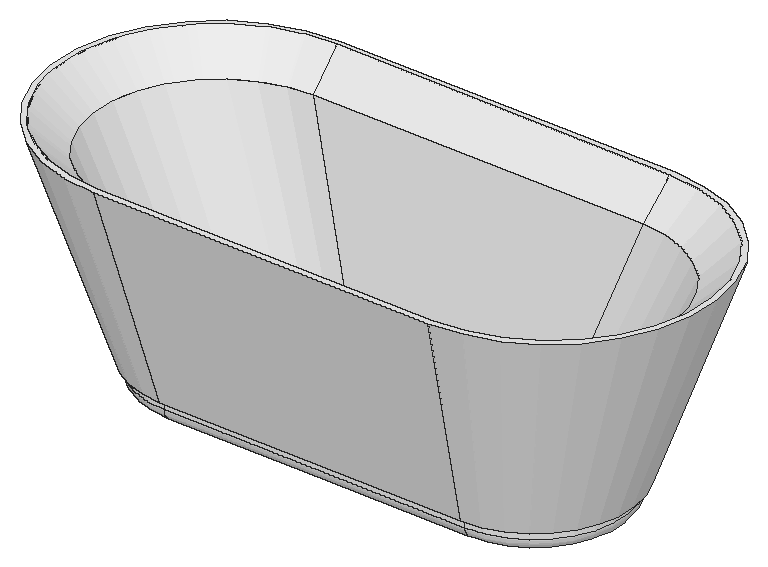
Revit family "Reece_Bath_Base_Freestanding Bath_Sanitary Grade Acrylic", category Plumbing Fixtures, Revit 2018
Family settings
  Round Connector Dimension = Use Diameter
  Part Type = Normal
  Work Plane-Based = Yes
  Always vertical = Yes
  Cut with Voids When Loaded = Yes
  Shared = Yes
  Room Calculation Point = Yes
Parameters (values of type "1560x750 mm_200 ltr_White")
  URL = "https://www.reece.com.au/product/-9504428"
  Type Comments = "Bath"
  Reece_Product_Web Page = "https://www.reece.com.au/product/-9504428"
  Reece_Product_Type = "Bath"  # constant formula
  Reece_Product_Sub Brand = "Bristol"  # constant formula
  Reece_Product_Number = "9504428"
  Reece_Product_Mount = "Floor Mounted"
  Reece_Product_Description = "Posh Bristol Freestanding Bath 1560 x 750 x 560mm White"
  Reece_Product_Brand = "Posh"  # constant formula
  Reece_Overall_Width = 750 mm
  Reece_Overall_Length = 1560 mm
  Reece_Overall_Height = 560 mm
  Reece_Overall_Capacity = 200 L
  Reece_Outlet_Offset = 255 mm
  Reece_Material_Secondary = Reece_Brass_Chrome
  Reece_Material_Main = Reece_Acrylic_White
  Reece_Detail_Material = "Sanitary Grade Acrylic"  # constant formula
  Reece_Detail_Disclaimer = "THIS FILE IS THE PROPERTY OF THE REECE GROUP. IT MAY NOT BE REPRODUCED, REVERSE-ENGINEERED OR MODIFIED. ANY REPUBLICATION, TRANSMISSION OR DISTRIBUTION FOR THE PURPOSE OF COMMERCIALLY EXPLOITING THE FILES IS PROHIBITED."  # constant formula
  Reece_Detail_Connector = "Back Inlet"
  Reece_Detail_Additional = "Freestanding Bath"  # constant formula
  Reece_Bath_Type = Reece_Bath_Posh_Bristol_Freestanding Bath_Sanitary Grade Acrylic_1560x750 mm_200 ltr_Nested : 1560x750x560mm_200ltr_White
  Reece_Bath_Outlet = 40 mm  # constant formula
  Reece_Bath_Lip = 13 mm  # constant formula
  Manufacturer = ""
  Keynote = "Product #9504428, Reece_Bath_Posh Bristol_Freestanding Bath_Sanitary Grade Acrylic - 1560x750 mm_200 ltr_White"
  Disclaimer = "THIS FILE IS THE PROPERTY OF THE REECE GROUP. IT MAY NOT BE REPRODUCED, REVERSE-ENGINEERED OR MODIFIED. ANY REPUBLICATION, TRANSMISSION OR DISTRIBUTION FOR THE PURPOSE OF COMMERCIALLY EXPLOITING THE FILES IS PROHIBITED."  # constant formula
  Description = "Posh Bristol Freestanding Bath 1560 x 750 x 560mm White"
  Default Elevation = 0 mm
Types (3, lengths in mm): name | URL | Reece_Product_Web Page | Reece_Product_Number | Reece_Product_Description | Reece_Overall_Width | Reece_Overall_Length | Reece_Overall_Height | Reece_Overall_Capacity | Reece_Outlet_Offset | Reece_Detail_Connector | Reece_Bath_Type | Keynote | Description
  (no name) | "https://www.reece.com.au/product/-9504428" | "https://www.reece.com.au/product/-9504428" | "9504428" | "Posh Bristol Freestanding Bath 1560 x 750 x 560mm White" | 750 | 1560 | 560 | 200 L | 255 | "Back Inlet" | Reece_Bath_Posh_Bristol_Freestanding Bath_Sanitary Grade Acrylic_1560x750 mm_200 ltr_Nested : 1560x750x560mm_200ltr_White | "Product #9504428, Reece_Bath_Posh Bristol_Freestanding Bath_Sanitary Grade Acrylic - 1560x750 mm_200 ltr_White" | "Posh Bristol Freestanding Bath 1560 x 750 x 560mm White"
  1560x750 mm_200 ltr_White | "https://www.reece.com.au/product/-9504428" | "https://www.reece.com.au/product/-9504428" | "9504428" | "Posh Bristol Freestanding Bath 1560 x 750 x 560mm White" | 750 | 1560 | 560 | 200 L | 255 | "Back Inlet" | Reece_Bath_Posh_Bristol_Freestanding Bath_Sanitary Grade Acrylic_1560x750 mm_200 ltr_Nested : 1560x750x560mm_200ltr_White | "Product #9504428, Reece_Bath_Posh Bristol_Freestanding Bath_Sanitary Grade Acrylic - 1560x750 mm_200 ltr_White" | "Posh Bristol Freestanding Bath 1560 x 750 x 560mm White"
  1760x800 mm_250 ltr_White | "https://www.reece.com.au/product/-9504384" | "https://www.reece.com.au/product/-9504384" | "9504384" | "Posh Bristol Freestanding Bath 1760 x 800 x 590mm White" | 800 | 1760 | 590 | 250 L | 270 | "Bottom Inlet" | Reece_Bath_Posh_Bristol_Freestanding Bath_Sanitary Grade Acrylic_1760x800 mm_250 ltr_Nested : 1760x800x590mm_250ltr_White | "Product #9504384, Reece_Bath_Posh Bristol_Freestanding Bath_Sanitary Grade Acrylic - 1760x800 mm_250 ltr_White" | "Posh Bristol Freestanding Bath 1760 x 800 x 590mm White"
Reference planes
  plane 1 "Center (Front/Back)": y = -10
  plane 2 "Bottom Host Plane": z = 0
  plane 3 "Center (Left/Right)": x = 0
  plane 4: x = -780
  plane 5: y = 365
  plane 6: y = -385
  plane 7: x = 780
  plane 8 "Top Host Plane": z = 560
  plane 9: y = -130
Text (mm)
  text "Reece ©" at (3144.892, -1915.382, 2956.538), in view "Reece Preview"
  text "Reece Copyright © 2018, Reece Ltd." at (-1219.555, -505.238, 0), in view "Ref. Level"
Dimensions and locks
  "Reece_Overall_Length": plane 4 to plane 7
  "Reece_Overall_Width": plane 5 to plane 6
  equal spacing: plane 6, plane 1 "Center (Front/Back)", plane 5
  equal spacing: plane 4, plane 3 "Center (Left/Right)", plane 7
  "Reece_Overall_Height": plane 8 "Top Host Plane" to plane 2 "Bottom Host Plane"
  "Reece_Outlet_Offset": plane 9 to plane 6
  "Reece_Overall_Length": plane 8 "Top Host Plane" to plane 7
  plane 6 to plane 5 = 750 mm  (x2)
  locked: connector elem to plane 9 at 0
  aligned and locked: plane 1 "Center (Front/Back)" to nested 1
Nested families
  nested 1: "Reece_Bath_Posh_Bristol_Freestanding Bath_Sanitary Grade Acrylic_1560x750 mm_200 ltr_Nested" at (0, -10, 0), type <- "Reece_Bath_Type", Reece_Material_Main <- "Reece_Material_Main", Reece_Material_Secondary <- "Reece_Material_Secondary", type "1560x750x560mm_200ltr_White"
    with Reece_Material_Secondary Reece_Brass_Chrome, Reece_Material_Main Reece_Acrylic_White
Connectors
  piping at (0, -130, 0), diameter 40, driven by "Reece_Bath_Outlet"
    settings: index 1, connector inside diameter 609.6 mm, connector length 0 mm, flow factor 0, pipe flow 0.0 L/s, pressure drop 0.0 Pa, fitting loss kfactor 0, connector angle 0.00°, fixture units 0, engagement length 0 mm, angle of deflection 0.00°, flow configuration 0, flow direction 2, fitting loss method 0, system type 16, joint type 0, gender type 0, connector reference index -1, connector utility 0, adjustable connector no, is connector primary yes, connector description ""
Definition of nested family "Reece_Bath_Posh_Bristol_Freestanding Bath_Sanitary Grade Acrylic_1560x750 mm_200 ltr_Nested"
  Parameters (values of type "1560x750x560mm_200ltr_White")
    Waste Connection = no
    WFU = 0
    Vent Connection = no
    URL = ""
    Type Comments = ""
    Reece_Material_Secondary [instance] = none
    Reece_Material_Main [instance] = none
    Model = ""
    Manufacturer = ""
    Keynote = ""
    HWFU = 0
    HW Connection = no
    Description = ""
    Default Elevation = 0 mm
    Cost = 0
    CWFU = 0
    CW Connection = no
    Assembly Code = ""
  Reference planes
    plane 1 "Center (Front/Back)": y = 0
    plane 2 "Bottom Host Plane": z = 0
    plane 3 "Center (Left/Right)": x = 0
    plane 4: x = -780
    plane 5: y = 375
    plane 6: y = -375
    plane 7: x = 780
    plane 8: z = 560
    plane 9: y = 284
    plane 10: y = -284
    plane 11: x = 684
    plane 12: x = -684
    plane 13: y = 362
    plane 14: y = -362
    plane 15: x = -767
    plane 16: x = 767
    plane 17: z = 484.792
    plane 18: z = 120
    plane 19: y = -120
    plane 20: x = -500
    plane 21: x = 500
  Forms (mm)
    Revolve 1, void
      sketch origin (0, 50, 0) x (0, -1, 0) y (0, 0, 1)
        loop
          line (170, 120) -> (140, 120)
          arc (140, 120) -> (142.929, 112.929) -> (150, 110) r 10
          line (150, 110) -> (150, 0) -> (170, 0) -> (170, 120)
        axis (170, 0) -> (170, 120)
      angle from 0 to 360
    Revolve 2, solid, material <- "Reece_Material_Secondary"
      sketch origin (0, 50, 0) x (0, -1, 0) y (0, 0, 1)
        loop
          line (151.811, 117) -> (151.811, 114.492) -> (170, 114.492) -> (170, 120.952)
          arc (170, 120.952) -> (159.989, 120.714) -> (150, 120) r 210.452
          line (150, 120) -> (150, 117) -> (151.811, 117)
        loop
          line (146.576, 110) -> (170, 110) -> (170, 113) -> (150, 113) -> (150, 115.61) -> (140.967, 115.61) -> (146.576, 110)
        axis (170, 120.952) -> (170, 110)
      angle from 0 to 360
    SweptBlend 3, solid, material <- "Reece_Material_Main"
      path origin (0, 0, 0) x (1, 0, 0) y (0, 0, 1)
        loop
          line (0, 50.103) -> (0, 560)
      profile origin (0, 0, 50.103) x (-1, 0, 0) y (0, -1, 0)
        loop
          arc (365.837, -224) -> (589.837, 0) -> (365.837, 224) r 224
          line (365.837, 224) -> (-365.837, 224)
          arc (-365.837, 224) -> (-589.837, 0) -> (-365.837, -224) r 224
          line (-365.837, -224) -> (365.837, -224)
      end profile origin (0, 0, 560) x (-1, 0, 0) y (0, -1, 0)
        loop
          arc (405, -375) -> (780, 0) -> (405, 375) r 375
          line (405, 375) -> (-405, 375)
          arc (-405, 375) -> (-780, 0) -> (-405, -375) r 375
          line (-405, -375) -> (405, -375)
    SweptBlend 4, void
      path origin (0, 0, 0) x (1, 0, 0) y (0, 0, 1)
        loop
          line (0, 120) -> (0, 484.792)
      profile origin (0, 0, 120) x (-1, 0, 0) y (0, -1, 0)
        loop
          arc (275, -225) -> (500, 0) -> (275, 225) r 225
          line (275, 225) -> (-275, 225)
          arc (-275, 225) -> (-500, 0) -> (-275, -225) r 225
          line (-275, -225) -> (275, -225)
      end profile origin (0, 0, 484.792) x (-1, 0, 0) y (0, -1, 0)
        loop
          arc (400, -284) -> (684, 0) -> (400, 284) r 284
          line (400, 284) -> (-400, 284)
          arc (-400, 284) -> (-684, 0) -> (-400, -284) r 284
          line (-400, -284) -> (400, -284)
    SweptBlend 5, void
      path origin (0, 0, 364.792) x (1, 0, 0) y (0, 0, 1)
        loop
          line (0, 120) -> (0, 195.208)
      profile origin (0, 0, 484.792) x (-1, 0, 0) y (0, -1, 0)
        loop
          arc (400, -284) -> (684, 0) -> (400, 284) r 284
          line (400, 284) -> (-400, 284)
          arc (-400, 284) -> (-684, 0) -> (-400, -284) r 284
          line (-400, -284) -> (400, -284)
      end profile origin (0, 0, 560) x (-1, 0, 0) y (0, -1, 0)
        loop
          line (-405, -362) -> (405, -362)
          arc (405, -362) -> (767, 0) -> (405, 362) r 362
          line (405, 362) -> (-405, 362)
          arc (-405, 362) -> (-767, 0) -> (-405, -362) r 362
    Sweep 6, solid, material <- "Reece_Material_Main"
      path origin (0, 0, 0) x (1, 0, 0) y (0, 1, 0)
        loop
          line (-365, -224) -> (365, -224)
          arc (365, -224) -> (589, 0) -> (365, 224) r 224
          line (365, 224) -> (-365, 224)
          arc (-365, 224) -> (-589, 0) -> (-365, -224) r 224
      profile origin (-589, 0, 0) x (-1, 0, 0) y (0, 0, 1)
        loop
          line (-12.604, 50.103) -> (-127.604, 50.103) -> (-127.604, 0) -> (-42.739, 0)
          arc (-42.739, 0) -> (-21.439, 8.736) -> (-12.604, 29.995) r 29.996
          line (-12.604, 29.995) -> (-12.604, 50.103)
    Extrusion 7, solid, material <- "Reece_Material_Main"
      sketch origin (0, 0, 0) x (1, 0, 0) y (0, 1, 0)
        loop
          arc (-365, 96.396) -> (-461.396, 0) -> (-365, -96.396) r 96.396
          line (-365, -96.396) -> (365, -96.396)
          arc (365, -96.396) -> (461.396, 0) -> (365, 96.396) r 96.396
          line (365, 96.396) -> (-365, 96.396)
      from 0 to 50.103
  Cuts and joins
    Revolve 1, SweptBlend 4, SweptBlend 5 cuts SweptBlend 3
    Revolve 1 cuts Sweep 6
    joined: SweptBlend 3, Sweep 6, Extrusion 7
    SweptBlend 5 cuts Revolve 2
  Text (mm)
    text "Reece ©" at (2938.989, -1875.383, 3202.441), in view "Reece Preview"
    text "Reece ©" at (-1970.747, -809.426, -1020.679), in view "Ref. Level"
  Dimensions and locks
    plane 4 to plane 7 = 1560 mm
    plane 5 to plane 6 = 750 mm
    equal spacing: plane 6, plane 1 "Center (Front/Back)", plane 5
    equal spacing: plane 4, plane 3 "Center (Left/Right)", plane 7
    locked: plane 8 to plane 2 "Bottom Host Plane" at 560
    plane 9 to plane 10 = 568 mm
    equal spacing: plane 9, plane 1 "Center (Front/Back)", plane 10
    locked: plane 9 to SweptBlend 3 sketch curve at 60
    locked: SweptBlend 3 sketch curve to plane 10 at 60
    locked: SweptBlend 3 sketch curve to plane 11 at 94.163
    locked: plane 12 to SweptBlend 3 sketch curve at 94.163
    locked: plane 15 to SweptBlend 5 sketch curve at 0
    locked: plane 16 to SweptBlend 5 sketch curve at 0
    locked: plane 12 to Sweep 6 sketch curve at 95
    locked: Sweep 6 sketch curve to plane 11 at 95
    locked: plane 9 to Sweep 6 sketch curve at 60
    locked: Sweep 6 sketch curve to plane 10 at 60
    locked: plane 13 to plane 5 at 13
    locked: plane 14 to plane 6 at 13
    locked: plane 16 to plane 7 at 13
    locked: plane 4 to plane 15 at 13
    locked: plane 8 to plane 17 at 75.208
    plane 19 to plane 6 = 255 mm
    equal spacing: plane 12, plane 3 "Center (Left/Right)", plane 11
    plane 12 to plane 11 = 1368 mm
    plane 20 to plane 21 = 1000 mm
    plane 8 to plane 7 = 1560 mm
    plane 17 to plane 8 = 75.208 mm
    plane 6 to cut or joined group of Revolve 1, SweptBlend 3, SweptBlend 4, SweptBlend 5, Sweep 6, Extrusion 7 = 750 mm
    aligned and locked: SweptBlend 3 sketch curve to plane 5
    aligned and locked: plane 6 to SweptBlend 3 sketch curve
    aligned and locked: SweptBlend 5 sketch curve to plane 13
    aligned and locked: SweptBlend 5 sketch curve to plane 14
    aligned and locked: plane 17 to SweptBlend 4 sketch curve
    aligned and locked: plane 17 to SweptBlend 5 sketch curve
    aligned and locked: plane 8 to SweptBlend 5 sketch curve
    aligned and locked: plane 18 to SweptBlend 4 sketch curve
    aligned and locked: Extrusion 7 sketch curve to Sweep 6  (x2)
    aligned and locked: Extrusion 7 to cut or joined group of Revolve 1, SweptBlend 3, SweptBlend 4, SweptBlend 5, Sweep 6, Extrusion 7
    aligned and locked: Extrusion 7 to level
    aligned and locked: Revolve 2 sketch curve to plane 19
    aligned and locked: plane 19 to Revolve 1 sketch curve
  Automatic sketch dimensions
    Revolve 1 sketch curve to level = 0 mm
    Revolve 1 sketch curve to Revolve 1 sketch curve = 20 mm  (x2)
    Revolve 1 sketch curve to Revolve 1 sketch curve = 10 mm
    level to Revolve 1 sketch curve = 110 mm
    level to Revolve 1 sketch curve = 20 mm
    Revolve 1 sketch curve to Revolve 1 sketch curve = 70 mm
    SweptBlend 3 sketch curve to plane 3 "Center (Left/Right)" = 0 mm
    SweptBlend 3 sketch curve to plane 8 = 0 mm
    level to SweptBlend 3 sketch curve = 50.103 mm
    Sweep 6 sketch curve to level = 0 mm
    level to Sweep 6 sketch curve = 50.103 mm
    profile plane to Sweep 6 sketch curve = 127.604 mm
    Sweep 6 sketch curve to Sweep 6 sketch curve = 0.139 mm
    profile plane to Sweep 6 sketch curve = 12.604 mm
    level to Sweep 6 sketch curve = 29.995 mm
    SweptBlend 4 sketch curve to plane 3 "Center (Left/Right)" = 0 mm
    SweptBlend 5 sketch curve to plane 3 "Center (Left/Right)" = 0 mm
    Revolve 2 sketch curve to plane 18 = 0 mm
    Revolve 2 sketch curve to plane 19 = 0 mm  (x2)
    Revolve 2 sketch curve to plane 18 = 3 mm
    plane 19 to Revolve 2 sketch curve = 18.189 mm
    Revolve 2 sketch curve to Revolve 2 sketch curve = 1.811 mm
    Revolve 2 sketch curve to Revolve 2 sketch curve = 0 mm
    Revolve 2 sketch curve to Revolve 2 sketch curve = 3.424 mm
    Revolve 2 sketch curve to Revolve 2 sketch curve = 5.61 mm
    Revolve 2 sketch curve to Revolve 2 sketch curve = 1.39 mm
    Revolve 2 sketch curve to Revolve 2 sketch curve = 1.118 mm
    Revolve 2 sketch curve to Revolve 2 sketch curve = 1.492 mm
    Revolve 2 sketch curve to Revolve 2 sketch curve = 3 mm
    Revolve 2 sketch curve to level = 89.5 mm
    Revolve 2 sketch curve to level = 47.911 mm
    plane 18 to Revolve 2 sketch curve = 82.041 mm
    profile plane to SweptBlend 4 sketch curve = 400 mm
    SweptBlend 4 sketch curve to profile plane = 400 mm
    SweptBlend 4 sketch curve to plane 1 "Center (Front/Back)" = 284 mm
    plane 1 "Center (Front/Back)" to SweptBlend 4 sketch curve = 0 mm  (x2)
    plane 1 "Center (Front/Back)" to SweptBlend 5 sketch curve = 0 mm
    profile plane to SweptBlend 5 sketch curve = 400 mm
    SweptBlend 5 sketch curve to profile plane = 400 mm
    SweptBlend 5 sketch curve to plane 1 "Center (Front/Back)" = 284 mm
    profile plane to SweptBlend 4 sketch curve = 275 mm
    SweptBlend 4 sketch curve to profile plane = 275 mm
    SweptBlend 4 sketch curve to plane 1 "Center (Front/Back)" = 225 mm
    profile plane to SweptBlend 3 sketch curve = 405 mm
    SweptBlend 3 sketch curve to profile plane = 405 mm
